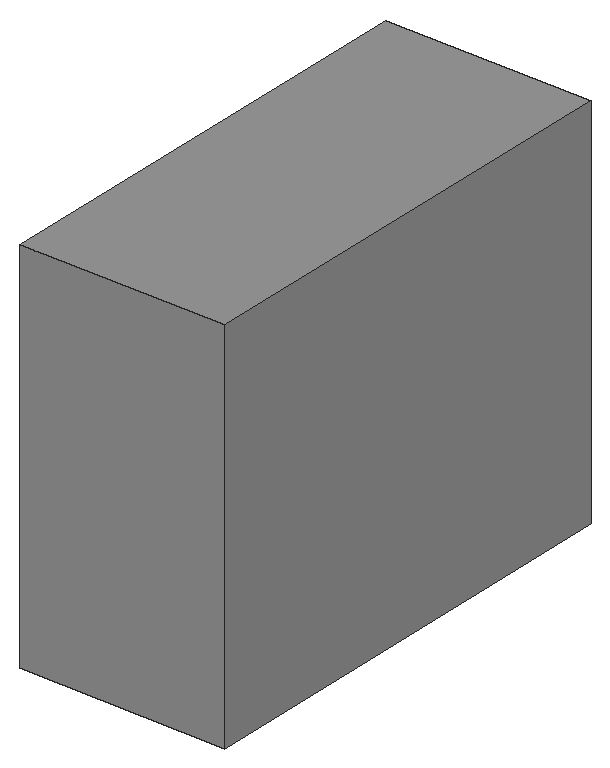
Revit family "PRE080028-FR", category Appareils sanitaires, Revit 2017
Family settings
  Cote de connecteur circulaire = Utiliser le diamètre
  Type d'élément = Normal
  Basée sur le plan de construction = Non
  Toujours verticalement = Oui
  Couper avec des vides une fois chargée = Non
  Partagée = Non
  Point de calcul de pièce = Non
Parameters (values of type "70832 PRESTO CHEF Mitigeur monocommande sur plage avec bec par-dessus")
  Variantes = "70832"
  Product data url = "https://www.bimobject.com/presto/product/pre080028"
  Product Guid = "000211d8-50d9-4629-b294-d35f99251844"
  LC = 15 mm
  Garantie = ""
  URL Fabricant = "http://www.prestodatashare.com/centretelechargement/index.php?lang=FR&refs=70832"
  URL = "http://www.prestodatashare.com/centretelechargement/index.php?lang=FR&refs=70832"
  Lien notice d'utilisation = "http://www.prestodatashare.com/centretelechargement/index.php?lang=FR&refs=70832"
  Lien fiche produit = "http://www.prestodatashare.com/espacedoc/Fiches_Techniques/FR/70832.pdf"
  Reference = "70832"
  Pression = ""
  Polantis code = "PRE080028"
  Perte de charge = 0.0 Pa
  Profondeur = 286 mm
  Modèle = "70832 PRESTO CHEF Mitigeur monocommande sur plage avec bec par-dessus"
  Matériau = Laiton poli chromé
  Lien CCTP = "http://www.prestodatashare.com/centretelechargement/index.php?lang=FR&refs=70832"
  Largeur = 128 mm
  PC = 30 mm
  Hauteur = 237 mm
  Fonction = "Bec orientable à 360° Saillie 250 mm Hauteur sous bec 146 mm - diamètre 22 mm\nEpaisseur de bec : 1,5 mm\nCartouche céramique avec débit 20 L/min à 3 bar\nBrise-jet anti-tartre interchangeable\n\nPression d'utilisation recommandée : 1 à 5 bars\n\nDébit : 20L/min à 3 bar\n\nAlimentation hydraulique : G 1/2'' (15x 21)\n\nMatière et couleur de finition :\nCorps et bec en laiton chromé\nMatière conforme avec la liste \"UBA\"\n\nRésistance thermique : Résiste à une température de 75° C durant 30 minutes (dans le cadre de chocs thermiques).\n\nLivré avec :\n1 étrier de fixation\n2 flexibles PEX avec écrou femelle tresse en acier inoxydable G1/2'' Lg 660 mm avec clapets anti-retour NF\n2 filtres\n\nOption : Possibilité d'ajouter une réhausse vendue séparément, facilitant le passage de gros contenants"
  Flux = 0.0316667 L/s
  Finition = "Corps en laiton chromé conforme aux normes NF EN1982/ NF EN 12164 / NF EN 12165\nTraitement de surface Nickel-Chrome selon NF EN12540\nRésistance au brouillard salin neutre (NSS) : 200 h selon NF ISO 9242"
  Fabricant = "LES ROBINETS PRESTO S.A."
  Edition number = 0
  Diamètre Nominal = 15 mm
  Description = "le bec est caché sous le comptoir : plus esthétique\ndéport de la manette sur le côté : accès facilité pour le lavage\nProduit résistant à un usage intensif\nInterface corps/bec renforcé avec double paliers de glissement : absence de jeu et endurance élevée\nBec cossu : Ø 22 mm - épaisseur 1,5mm\nCommande ergonomique et robuste : facilité de préhension\nHygiène : bec à intérieur lisse\nFacilité de nettoyage\nFacilité de maintenance : disponibilité de toutes les pièces d'usure\nBrise-jet pour canaliser l'eau et éviter les projections d'eau latérales"
  Debit = "1,9l/min avec limiteur de débit intégré\r (sprayer)\r\n Dispositif anti-coup de bélier\r\r\n Brise-jet : anti-vandalisme et anti-bouchage"
  Raccordement = "2xG1/2 couplé dessous arrière gauche"
  Adresse = "7, RUE RACINE - 92542 MONTROUGE CEDEX FRANCE"
Reference planes
  plane 1 "Centre (avant/arrière)": y = 0
  plane 2: z = 0
  plane 3 "Centre (gauche/droite)": x = 0
  plane 4: y = -286
  plane 5: x = 128
  plane 6: z = 237
  plane 7: x = 64
  plane 8: z = 1
  plane 9: y = -30
  plane 10: x = 15
  plane 11: x = 113
Forms (mm)
  Extrusion 1, solid, material "Laiton poli chromé" <- "Matériau", detail levels fine
    sketch origin (0, 0, 0) x (1, 0, 0) y (0, 1, 0)
      loop
        line (0, 0) -> (0, -286) -> (128, -286) -> (128, 0) -> (0, 0)
    from 0 to 237
  Extrusion 2, solid, material "Laiton poli chromé" <- "Matériau", detail levels fine
    sketch origin (0, 0, 0) x (1, 0, 0) y (0, 1, 0)
      loop
        circle (15, -30) r 5
    from 0 to 1
  Extrusion 3, solid, material "Laiton poli chromé" <- "Matériau", detail levels fine
    sketch origin (0, 0, 0) x (1, 0, 0) y (0, 1, 0)
      loop
        circle (113, -30) r 5
    from 0 to 1
Cuts and joins
  joined: Extrusion 1, Extrusion 2, Extrusion 3
Dimensions and locks
  "Profondeur": plane 1 "Centre (avant/arrière)" to plane 4
  "Largeur": plane 3 "Centre (gauche/droite)" to plane 5
  "Hauteur": plane 6 to level
  equal spacing: plane 3 "Centre (gauche/droite)", plane 7, plane 5
  locked: plane 8 to plane 2 at 1
  "PC": plane 1 "Centre (avant/arrière)" to plane 9
  "LC": plane 3 "Centre (gauche/droite)" to plane 10
  "LC": plane 11 to plane 5
  aligned and locked: level to plane 2
  aligned and locked: plane 1 "Centre (avant/arrière)" to Extrusion 1 sketch curve
  aligned and locked: plane 3 "Centre (gauche/droite)" to Extrusion 1 sketch curve
  aligned and locked: plane 4 to Extrusion 1 sketch curve
  aligned and locked: plane 5 to Extrusion 1 sketch curve
  aligned and locked: plane 6 to Extrusion 1
  aligned and locked: plane 8 to Extrusion 2
  aligned and locked: plane 8 to Extrusion 3
  aligned and locked: plane 9 to nested 1
  aligned and locked: plane 7 to nested 1
  aligned and locked: plane 6 to nested 2
  aligned and locked: plane 7 to nested 2
  aligned and locked: nested 2 to plane 4
Automatic sketch dimensions
  Extrusion 2 sketch curve to plane 9 = 0 mm
  Extrusion 2 sketch curve to plane 10 = 0 mm
  Extrusion 3 sketch curve to plane 9 = 0 mm
  Extrusion 3 sketch curve to plane 11 = 0 mm
  radius of Extrusion 2 sketch curve = 5 mm
  radius of Extrusion 3 sketch curve = 5 mm
Nested families
  nested 1: "SymboliqueA6" at (0, -30, 0) x (0, 1, 0) z (0, 0, 1), type "SymboliqueA6", detail levels coarse+medium
  nested 2: "S2DA6" at (128, -143, 0) x (0, 1, 0) z (0, 0, 1), type "S2DA6", detail levels coarse+medium
Connectors
  piping at (15, -30, 0), diameter 15, driven by "Diamètre Nominal", driven by "Flux", driven by "Perte de charge"
    settings: on Extrusion 2, index 3, connector inside diameter 609.6 mm, connector length 0 mm, flow factor 0, pipe flow 0.0316667 L/s, pressure drop 0.0 Pa, fitting loss kfactor 0, connector angle 0.00°, fixture units 0, engagement length 0 mm, angle of deflection 0.00°, flow configuration 0, flow direction 1, fitting loss method 4, system type 19, joint type 0, gender type 0, connector reference index -1, connector utility 0, adjustable connector no, is connector primary yes, connector description ""
  piping at (113, -30, 0), diameter 15, driven by "Flux", driven by "Perte de charge", driven by "Diamètre Nominal"
    settings: on Extrusion 3, index 4, connector inside diameter 609.6 mm, connector length 0 mm, flow factor 0, pipe flow 0.0316667 L/s, pressure drop 0.0 Pa, fitting loss kfactor 0, connector angle 0.00°, fixture units 0, engagement length 0 mm, angle of deflection 0.00°, flow configuration 0, flow direction 1, fitting loss method 4, system type 20, joint type 0, gender type 0, connector reference index -1, connector utility 0, adjustable connector no, is connector primary no, connector description ""
Definition of nested family "SymboliqueA6"
  Parameters (values of type "SymboliqueA6")
    V = yes
    P = 1000 mm
    L = 1000 mm
    H = 1000 mm
  Reference planes
    plane 1 "Centre (avant/arrière)": y = 0
    plane 2: z = 0
    plane 3 "Centre (gauche/droite)": x = 0
    plane 4: y = -1000
    plane 5: x = -500
    plane 6: x = 500
    plane 7: z = 1000
    plane 8: z = 500
    plane 9: y = -500
  Lines and regions (mm)
    model lines
      curve 1: line (0, -1000, 1000) -> (0, 0, 0)
      curve 2: line (0, 0, 0) -> (0, -1000, 0)
      curve 3: line (0, -1000, 0) -> (0, 0, 1000)
      curve 4: line (0, 0, 1000) -> (0, -1000, 1000)
  Dimensions and locks
    "H": plane 7 to plane 2
    equal spacing: plane 5, plane 3 "Centre (gauche/droite)", plane 6
    "L": plane 5 to plane 6
    equal spacing: plane 7, plane 8, level
    equal spacing: plane 4, plane 9, plane 1 "Centre (avant/arrière)"
    "P": plane 1 "Centre (avant/arrière)" to plane 4
    aligned and locked: level to plane 2
  Automatic sketch dimensions
    curve 3 to level = 0 mm
    curve 1 to plane 1 "Centre (avant/arrière)" = 0 mm
    curve 1 to plane 7 = 0 mm
    curve 3 to plane 4 = 0 mm
    curve 3 to plane 1 "Centre (avant/arrière)" = 0 mm
    curve 4 to plane 4 = 0 mm
Definition of nested family "S2DA6"
  Parameters (values of type "S2DA6")
    P = 788.322 mm
    L = 1600 mm
    H = 1250.021 mm
  Reference planes
    plane 1 "Centre (avant/arrière)": y = 0
    plane 2: z = 0
    plane 3 "Centre (gauche/droite)": x = 0
    plane 4: y = 788.322
    plane 5: x = -800
    plane 6: x = 800
    plane 7: y = 394.161
    plane 8: z = 1250.021
    plane 9: z = 625.01
  Lines and regions (mm)
    symbolic lines
      curve 1: line (-800, 788.322, 0) -> (800, 0, 0)
      curve 2: line (800, 0, 0) -> (800, 788.322, 0)
      curve 3: line (800, 788.322, 0) -> (-800, 0, 0)
      curve 4: line (-800, 0, 0) -> (-800, 788.322, 0)
      curve 5: line (800, 0, 1250.021) -> (-800, 0, 1250.021)
      curve 6: line (-800, 0, 1250.021) -> (800, 0, 0)
      curve 7: line (800, 0, 0) -> (-800, 0, 0)
      curve 8: line (800, 0, 1250.021) -> (-800, 0, 0)
      curve 9: line (0, 788.322, 0) -> (0, 0, 1250.021)
      curve 10: line (0, 0, 1250.021) -> (0, 788.322, 1250.021)
      curve 11: line (0, 788.322, 1250.021) -> (0, 0, 0)
      curve 12: line (0, 0, 0) -> (0, 788.322, 0)
  Dimensions and locks
    equal spacing: plane 5, plane 3 "Centre (gauche/droite)", plane 6
    equal spacing: plane 1 "Centre (avant/arrière)", plane 7, plane 4
    "P": plane 1 "Centre (avant/arrière)" to plane 4
    "L": plane 5 to plane 6
    equal spacing: plane 8, plane 9, level
    "H": plane 8 to plane 2
    aligned and locked: level to plane 2
  Automatic sketch dimensions
    plane 1 "Centre (avant/arrière)" to curve 3 = 0 mm
    curve 1 to plane 4 = 0 mm
    curve 3 to plane 4 = 0 mm
    plane 1 "Centre (avant/arrière)" to curve 2 = 0 mm
    curve 3 to plane 6 = 0 mm
    curve 4 to plane 5 = 0 mm
    curve 10 to plane 1 "Centre (avant/arrière)" = 0 mm
    curve 10 to plane 8 = 0 mm
    curve 11 to plane 4 = 0 mm
    curve 12 to level = 0 mm
    curve 12 to plane 1 "Centre (avant/arrière)" = 0 mm
    curve 12 to plane 4 = 0 mm
    plane 5 to curve 5 = 0 mm
    curve 8 to level = 0 mm
    plane 5 to curve 8 = 0 mm
    plane 6 to curve 7 = 0 mm
    plane 6 to curve 8 = 0 mm
    curve 6 to plane 8 = 0 mm
